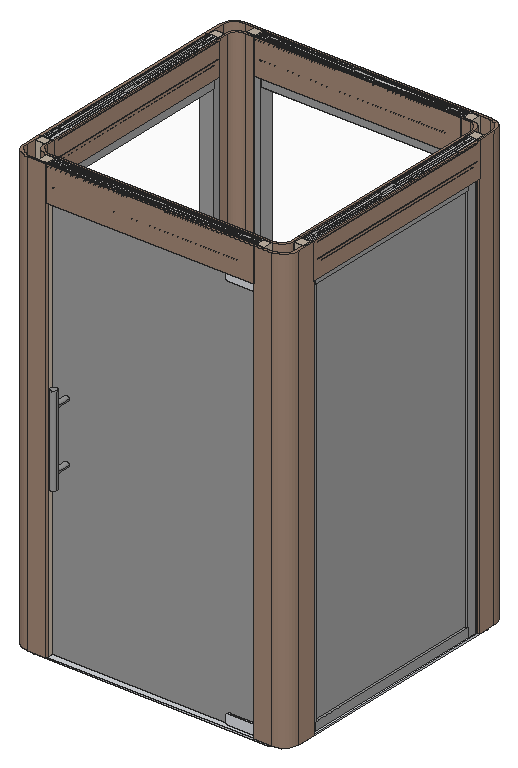
Revit family "T100337", category Furniture, Revit 2015 (continued)
Definition of nested family "OFS OBEYA GLASS WALLS"
  Dimensions and locks (in)
    aligned and locked: plane 9 to Extrusion 7
    aligned and locked: Extrusion 7 to plane 20
    aligned and locked: plane 9 to Extrusion 9
    aligned and locked: Extrusion 9 to plane 24
    aligned and locked: Extrusion 10 to plane 23
    aligned and locked: Extrusion 10 to plane 22
    aligned and locked: Extrusion 11 to plane 21
    aligned and locked: plane 10 to Extrusion 11
  Automatic sketch dimensions
    Extrusion 2 sketch curve to plane 8 = 0"
    Extrusion 2 sketch curve to plane 9 = 0"
    Extrusion 2 sketch curve to plane 10 = 0"
    plane 7 to Extrusion 2 sketch curve = 0"
    Extrusion 3 sketch curve to plane 6 = 0"
    Extrusion 3 sketch curve to plane 8 = 0"
    Extrusion 3 sketch curve to plane 9 = 0"
    plane 7 to Extrusion 3 sketch curve = 0"
    Extrusion 4 sketch curve to plane 4 = 0"
    Extrusion 4 sketch curve to plane 8 = 0"
    Extrusion 4 sketch curve to plane 10 = 0"
    plane 7 to Extrusion 4 sketch curve = 0"
    plane 9 to Extrusion 5 sketch curve = 0"
    Extrusion 5 sketch curve to plane 10 = 0"
    Extrusion 5 sketch curve to plane 12 = 0"
    Extrusion 5 sketch curve to plane 11 = 0"
    Extrusion 6 sketch curve to plane 15 = 0"
    plane 1 "Center Front/Back" to Extrusion 6 sketch curve = 0"  (x2)
    Extrusion 6 sketch curve to plane 8 = 0.1063"  (x2)
    Extrusion 6 sketch curve to Extrusion 6 sketch curve = 0.3937"  (x2)
    Extrusion 6 sketch curve to plane 15 = 0.3937"
    plane 6 to Extrusion 6 sketch curve = 1"
    plane 4 to Extrusion 6 sketch curve = 1"
    Extrusion 6 sketch curve to plane 7 = 0.1063"
    plane 9 to Extrusion 7 sketch curve = 0"
    Extrusion 7 sketch curve to plane 12 = 0"
    plane 20 to Extrusion 7 sketch curve = 0"
    Extrusion 7 sketch curve to plane 11 = 0"
    Extrusion 8 sketch curve to plane 10 = 0"
    Extrusion 8 sketch curve to plane 12 = 0"
    Extrusion 8 sketch curve to plane 19 = 0"
    Extrusion 8 sketch curve to plane 11 = 0"
    plane 9 to Extrusion 9 sketch curve = 0"
    Extrusion 9 sketch curve to plane 12 = 0"
    plane 24 to Extrusion 9 sketch curve = 0"
    Extrusion 9 sketch curve to plane 11 = 0"
    Extrusion 10 sketch curve to plane 12 = 0"
    plane 22 to Extrusion 10 sketch curve = 0"
    Extrusion 10 sketch curve to plane 23 = 0"
    Extrusion 10 sketch curve to plane 11 = 0"
    Extrusion 11 sketch curve to plane 12 = 0"
    Extrusion 11 sketch curve to plane 21 = 0"
    Extrusion 11 sketch curve to plane 11 = 0"
    Extrusion 11 sketch curve to plane 4 = 1 3/4"
    radius of Extrusion 6 sketch curve = 5/8"  (x2)
Definition of nested family "OFS OBEYA WALL PANELS"
  Parameters (values of type "Wall Panel Framed Acoustic Infill")
    Width = 42"
    URL = "https://ofs.com/products/space-defining/architectural-structures/obeya"
    Model = "OB-FRWPAC"
    Mesh Material = none
    Manufacturer = "OFS"
    Mesh = no
    Acoustic = yes
    Height = 83"
    Grill Panel = no
    Grill = no
    Frame Material = none
    Finish Material = none
    Machined Slat = no
    Description = "OFS OBEYA WALL PANEL FRAMED ACOUSTIC INFILL, Creates Space Division and Semi Visual Privacy"
    Depth = 2 3/4"
    Copyright © = "©OFS 2020"
    Catalog = "https://ofs.com/products/space-defining/architectural-structures/obeya"
    Authoring Version = "Autodesk Revit Architecture 2015"
    Assembly Code = "E2020200"
  Types (8): name | Model | Mesh | Acoustic | Grill Panel | Grill | Machined Slat | Description
    (no name) | "OB-FRWPAC" | no | yes | no | no | no | "OFS OBEYA WALL PANEL FRAMED ACOUSTIC INFILL, Creates Space Division and Semi Visual Privacy"
    Wall Panel Framed Machined Slat | "OB-FRWPMS" | no | no | no | no | yes | "OFS OBEYA WALL PANEL FRAMED MACHINED SLAT, Veneer - HPL Plywood Slat Panel Infill with exposed Ply Cutouts"
    Wall Panel Framed Metal Infill | "OB-FRWPM" | yes | no | no | no | no | "OFS OBEYA WALL PANEL FRAMED METAL INFILL, Powder Coat Metal Infil"
    Wall Panel Framed Grill Infill - Veneer or Paint | "OB-FRWPV" | no | no | yes | yes | no | "OFS OBEYA WALL PANEL FRAMED GRILL INFILL - VENEER OR PAINT INFILL, Creates Space Division and Semi Visual Privacy"
    Wall Panel Framed Grill Infill - HPL | "OB-FRWPL" | no | no | yes | yes | no | "OFS OBEYA WALL PANEL FRAMED GRILL INFILL - HPL, Creates Space Division and Semi Visual Privacy"
    Wall Panel Framed Grill Infill - ACRYLIC | "OB-FRWPA" | no | no | yes | yes | no | "OFS OBEYA WALL PANEL FRAMED GRILL INFILL - ACRYLIC, Creates Space Division and Semi Visual Privacy"
    Wall Panel Framed Grill Infill - PET | "OB-FRWPP" | no | no | yes | yes | no | "OFS OBEYA WALL PANEL FRAMED GRILL INFILL - PET, Creates Space Division and Semi Visual Privacy"
    Wall Panel Framed Acoustic Infill | "OB-FRWPAC" | no | yes | no | no | no | "OFS OBEYA WALL PANEL FRAMED ACOUSTIC INFILL, Creates Space Division and Semi Visual Privacy"
  Reference planes (in)
    plane 1 "Center Front/Back": y = 0
    plane 2: z = 0
    plane 3 "Center Left/Right": x = 0
    plane 4: x = 21
    plane 5: z = 83
    plane 6: x = -21
    plane 7: y = 1.375
    plane 8: y = -1.375
    plane 9: x = -19.5
    plane 10: x = 19.5
    plane 11: z = 81.5
    plane 12: z = 1.5
    plane 13: y = -0.5625
    plane 14: y = -0.0625
  Forms (in)
    Extrusion 1, solid, material <- "Frame Material"
      sketch origin (0, 0, 0) x (1, 0, 0) y (0, 1, 0)
        loop
          line (-19.5, 1.375) -> (-19.5, -1.375) -> (19.5, -1.375) -> (19.5, 1.375) -> (-19.5, 1.375)
      from 0 to 1.5
    Extrusion 2, solid, material <- "Frame Material"
      sketch origin (0, 0, 77) x (1, 0, 0) y (0, 1, 0)
        loop
          line (-19.5, 1.375) -> (-19.5, -1.375) -> (19.5, -1.375) -> (19.5, 1.375) -> (-19.5, 1.375)
      from 4.5 to 6
    Extrusion 3, solid, material <- "Frame Material"
      sketch origin (0, 0, 31) x (1, 0, 0) y (0, 1, 0)
        loop
          line (-21, 1.375) -> (-21, -1.375) -> (-19.5, -1.375) -> (-19.5, 1.375) -> (-21, 1.375)
      from -31 to 52
    Extrusion 4, solid, material <- "Frame Material"
      sketch origin (0, 0, 31) x (-1, 0, 0) y (0, -1, 0)
        loop
          line (-21, -1.375) -> (-19.5, -1.375) -> (-19.5, 1.375) -> (-21, 1.375) -> (-21, -1.375)
      from -31 to 52
    Extrusion 5, solid, material <- "Finish Material", visible <- "Machined Slat"
      sketch origin (0, 0, 0) x (1, 0, 0) y (0, 0, 1)
        loop
          arc (-16, 78.5) -> (-16.35355, 78.35355) -> (-16.5, 78) r 0.5
          line (-16.5, 78) -> (-16.5, 76.5)
          arc (-16.5, 76.5) -> (-16.35355, 76.14645) -> (-16, 76) r 0.5
          line (-16, 76) -> (16, 76)
          arc (16, 76) -> (16.35355, 76.14645) -> (16.5, 76.5) r 0.5
          line (16.5, 76.5) -> (16.5, 78)
          arc (16.5, 78) -> (16.35355, 78.35355) -> (16, 78.5) r 0.5
          line (16, 78.5) -> (-16, 78.5)
        loop
          arc (-16, 73) -> (-16.35355, 72.85355) -> (-16.5, 72.5) r 0.5
          line (-16.5, 72.5) -> (-16.5, 71)
          arc (-16.5, 71) -> (-16.35355, 70.64645) -> (-16, 70.5) r 0.5
          line (-16, 70.5) -> (16, 70.5)
          arc (16, 70.5) -> (16.35355, 70.64645) -> (16.5, 71) r 0.5
          line (16.5, 71) -> (16.5, 72.5)
          arc (16.5, 72.5) -> (16.35355, 72.85355) -> (16, 73) r 0.5
          line (16, 73) -> (-16, 73)
        loop
          arc (-16, 67.5) -> (-16.35355, 67.35355) -> (-16.5, 67) r 0.5
          line (-16.5, 67) -> (-16.5, 65.5)
          arc (-16.5, 65.5) -> (-16.35355, 65.14645) -> (-16, 65) r 0.5
          line (-16, 65) -> (16, 65)
          arc (16, 65) -> (16.35355, 65.14645) -> (16.5, 65.5) r 0.5
          line (16.5, 65.5) -> (16.5, 67)
          arc (16.5, 67) -> (16.35355, 67.35355) -> (16, 67.5) r 0.5
          line (16, 67.5) -> (-16, 67.5)
        loop
          arc (-16, 62) -> (-16.35355, 61.85355) -> (-16.5, 61.5) r 0.5
          line (-16.5, 61.5) -> (-16.5, 60)
          arc (-16.5, 60) -> (-16.35355, 59.64645) -> (-16, 59.5) r 0.5
          line (-16, 59.5) -> (16, 59.5)
          arc (16, 59.5) -> (16.35355, 59.64645) -> (16.5, 60) r 0.5
          line (16.5, 60) -> (16.5, 61.5)
          arc (16.5, 61.5) -> (16.35355, 61.85355) -> (16, 62) r 0.5
          line (16, 62) -> (-16, 62)
        loop
          arc (-16, 56.5) -> (-16.35355, 56.35355) -> (-16.5, 56) r 0.5
          line (-16.5, 56) -> (-16.5, 54.5)
          arc (-16.5, 54.5) -> (-16.35355, 54.14645) -> (-16, 54) r 0.5
          line (-16, 54) -> (16, 54)
          arc (16, 54) -> (16.35355, 54.14645) -> (16.5, 54.5) r 0.5
          line (16.5, 54.5) -> (16.5, 56)
          arc (16.5, 56) -> (16.35355, 56.35355) -> (16, 56.5) r 0.5
          line (16, 56.5) -> (-16, 56.5)
        loop
          arc (-16, 51) -> (-16.35355, 50.85355) -> (-16.5, 50.5) r 0.5
          line (-16.5, 50.5) -> (-16.5, 49)
          arc (-16.5, 49) -> (-16.35355, 48.64645) -> (-16, 48.5) r 0.5
          line (-16, 48.5) -> (16, 48.5)
          arc (16, 48.5) -> (16.35355, 48.64645) -> (16.5, 49) r 0.5
          line (16.5, 49) -> (16.5, 50.5)
          arc (16.5, 50.5) -> (16.35355, 50.85355) -> (16, 51) r 0.5
          line (16, 51) -> (-16, 51)
        loop
          arc (-16, 45.5) -> (-16.35355, 45.35355) -> (-16.5, 45) r 0.5
          line (-16.5, 45) -> (-16.5, 43.5)
          arc (-16.5, 43.5) -> (-16.35355, 43.14645) -> (-16, 43) r 0.5
          line (-16, 43) -> (16, 43)
          arc (16, 43) -> (16.35355, 43.14645) -> (16.5, 43.5) r 0.5
          line (16.5, 43.5) -> (16.5, 45)
          arc (16.5, 45) -> (16.35355, 45.35355) -> (16, 45.5) r 0.5
          line (16, 45.5) -> (-16, 45.5)
        loop
          arc (-16, 40) -> (-16.35355, 39.85355) -> (-16.5, 39.5) r 0.5
          line (-16.5, 39.5) -> (-16.5, 38)
          arc (-16.5, 38) -> (-16.35355, 37.64645) -> (-16, 37.5) r 0.5
          line (-16, 37.5) -> (16, 37.5)
          arc (16, 37.5) -> (16.35355, 37.64645) -> (16.5, 38) r 0.5
          line (16.5, 38) -> (16.5, 39.5)
          arc (16.5, 39.5) -> (16.35355, 39.85355) -> (16, 40) r 0.5
          line (16, 40) -> (-16, 40)
        loop
          arc (-16, 34.5) -> (-16.35355, 34.35355) -> (-16.5, 34) r 0.5
          line (-16.5, 34) -> (-16.5, 32.5)
          arc (-16.5, 32.5) -> (-16.35355, 32.14645) -> (-16, 32) r 0.5
          line (-16, 32) -> (16, 32)
          arc (16, 32) -> (16.35355, 32.14645) -> (16.5, 32.5) r 0.5
          line (16.5, 32.5) -> (16.5, 34)
          arc (16.5, 34) -> (16.35355, 34.35355) -> (16, 34.5) r 0.5
          line (16, 34.5) -> (-16, 34.5)
        loop
          arc (-16, 29) -> (-16.35355, 28.85355) -> (-16.5, 28.5) r 0.5
          line (-16.5, 28.5) -> (-16.5, 27)
          arc (-16.5, 27) -> (-16.35355, 26.64645) -> (-16, 26.5) r 0.5
          line (-16, 26.5) -> (16, 26.5)
          arc (16, 26.5) -> (16.35355, 26.64645) -> (16.5, 27) r 0.5
          line (16.5, 27) -> (16.5, 28.5)
          arc (16.5, 28.5) -> (16.35355, 28.85355) -> (16, 29) r 0.5
          line (16, 29) -> (-16, 29)
        loop
          arc (-16, 23.5) -> (-16.35355, 23.35355) -> (-16.5, 23) r 0.5
          line (-16.5, 23) -> (-16.5, 21.5)
          arc (-16.5, 21.5) -> (-16.35355, 21.14645) -> (-16, 21) r 0.5
          line (-16, 21) -> (16, 21)
          arc (16, 21) -> (16.35355, 21.14645) -> (16.5, 21.5) r 0.5
          line (16.5, 21.5) -> (16.5, 23)
          arc (16.5, 23) -> (16.35355, 23.35355) -> (16, 23.5) r 0.5
          line (16, 23.5) -> (-16, 23.5)
        loop
          arc (-16, 18) -> (-16.35355, 17.85355) -> (-16.5, 17.5) r 0.5
          line (-16.5, 17.5) -> (-16.5, 16)
          arc (-16.5, 16) -> (-16.35355, 15.64645) -> (-16, 15.5) r 0.5
          line (-16, 15.5) -> (16, 15.5)
          arc (16, 15.5) -> (16.35355, 15.64645) -> (16.5, 16) r 0.5
          line (16.5, 16) -> (16.5, 17.5)
          arc (16.5, 17.5) -> (16.35355, 17.85355) -> (16, 18) r 0.5
          line (16, 18) -> (-16, 18)
        loop
          arc (-16, 12.5) -> (-16.35355, 12.35355) -> (-16.5, 12) r 0.5
          line (-16.5, 12) -> (-16.5, 10.5)
          arc (-16.5, 10.5) -> (-16.35355, 10.14645) -> (-16, 10) r 0.5
          line (-16, 10) -> (16, 10)
          arc (16, 10) -> (16.35355, 10.14645) -> (16.5, 10.5) r 0.5
          line (16.5, 10.5) -> (16.5, 12)
          arc (16.5, 12) -> (16.35355, 12.35355) -> (16, 12.5) r 0.5
          line (16, 12.5) -> (-16, 12.5)
        loop
          arc (-16, 7) -> (-16.35355, 6.85355) -> (-16.5, 6.5) r 0.5
          line (-16.5, 6.5) -> (-16.5, 5)
          arc (-16.5, 5) -> (-16.35355, 4.64645) -> (-16, 4.5) r 0.5
          line (-16, 4.5) -> (16, 4.5)
          arc (16, 4.5) -> (16.35355, 4.64645) -> (16.5, 5) r 0.5
          line (16.5, 5) -> (16.5, 6.5)
          arc (16.5, 6.5) -> (16.35355, 6.85355) -> (16, 7) r 0.5
          line (16, 7) -> (-16, 7)
        loop
          line (-19.5, 81.5) -> (-19.5, 1.5) -> (19.5, 1.5) -> (19.5, 81.5) -> (-19.5, 81.5)
      from 0.0625 to 0.5625
    Extrusion 6, solid, material <- "Mesh Material", visible <- "Mesh"
      sketch origin (0, 0, 0) x (1, 0, 0) y (0, 0, 1)
        loop
          line (-19.5, 81.5) -> (-19.5, 1.5) -> (19.5, 1.5) -> (19.5, 81.5) -> (-19.5, 81.5)
      from 0.0625 to 0.5625
    Extrusion 7, solid, material <- "Frame Material", visible <- "Grill"
      sketch origin (0, 0, 27) x (1, 0, 0) y (0, 1, 0)
        loop
          line (-19.5, 1.375) -> (-19.5, -1.375) -> (19.5, -1.375) -> (19.5, 1.375) -> (-19.5, 1.375)
      from 0 to 1.5
    Extrusion 8, solid, material <- "Frame Material", visible <- "Grill"
      sketch origin (0, 0, 54.5) x (1, 0, 0) y (0, 1, 0)
        loop
          line (-19.5, 1.375) -> (-19.5, -1.375) -> (19.5, -1.375) -> (19.5, 1.375) -> (-19.5, 1.375)
      from 0 to 1.5
    Extrusion 9, solid, material <- "Finish Material", visible <- "Grill Panel"
      sketch origin (0, 0, 0) x (1, 0, 0) y (0, 0, 1)
        loop
          line (-19.5, 81.5) -> (-19.5, 56) -> (19.5, 56) -> (19.5, 81.5) -> (-19.5, 81.5)
        loop
          line (-19.5, 1.5) -> (19.5, 1.5) -> (19.5, 27) -> (-19.5, 27) -> (-19.5, 1.5)
        loop
          line (-19.5, 54.5) -> (-19.5, 28.5) -> (19.5, 28.5) -> (19.5, 54.5) -> (-19.5, 54.5)
      from 0.0625 to 0.5625
    Extrusion 10, solid, material <- "Finish Material", visible <- "Acoustic"
      sketch origin (0, 0, 0) x (1, 0, 0) y (0, 0, 1)
        loop
          line (-19.5, 81.5) -> (-19.5, 1.5) -> (19.5, 1.5) -> (19.5, 81.5) -> (-19.5, 81.5)
      from -1.375 to 1.375
  Dimensions and locks (in)
    "Height": plane 5 to level
    equal spacing: plane 6, plane 3 "Center Left/Right", plane 4
    "Width": plane 6 to plane 4
    "Depth": plane 8 to plane 7
    equal spacing: plane 7, plane 1 "Center Front/Back", plane 8
    locked: plane 6 to plane 9 at 1.5
    locked: plane 4 to plane 10 at 1.5
    locked: plane 5 to plane 11 at 1.5
    locked: plane 12 to plane 2 at 1.5
    plane 14 to plane 13 to plane 8 = 1/2" locked, 13/16" locked
    aligned and locked: level to plane 2
    aligned and locked: plane 7 to Extrusion 1 sketch curve
    aligned and locked: Extrusion 1 sketch curve to plane 9
    aligned and locked: plane 8 to Extrusion 1 sketch curve
    aligned and locked: Extrusion 1 sketch curve to plane 10
    aligned and locked: Extrusion 1 to level
    aligned and locked: plane 12 to Extrusion 1
    aligned and locked: plane 5 to Extrusion 2
    aligned and locked: Extrusion 2 to plane 11
    aligned and locked: plane 9 to Extrusion 2
    aligned and locked: plane 10 to Extrusion 2
    aligned and locked: plane 6 to Extrusion 3
    aligned and locked: Extrusion 3 to plane 9
    aligned and locked: plane 5 to Extrusion 3
    aligned and locked: Extrusion 3 to level
    aligned and locked: plane 5 to Extrusion 4
    aligned and locked: Extrusion 5 sketch curve to plane 10
    aligned and locked: Extrusion 5 sketch curve to plane 11
    aligned and locked: Extrusion 5 sketch curve to plane 9
    aligned and locked: plane 12 to Extrusion 5 sketch curve
    aligned and locked: plane 14 to Extrusion 5
    aligned and locked: Extrusion 5 to plane 13
    aligned and locked: plane 11 to Extrusion 10
    aligned and locked: Extrusion 10 to plane 7
    aligned and locked: Extrusion 10 to plane 8
    aligned and locked: Extrusion 10 to plane 12
  Automatic sketch dimensions
    Extrusion 2 sketch curve to plane 8 = 0"
    Extrusion 2 sketch curve to plane 9 = 0"
    Extrusion 2 sketch curve to plane 10 = 0"
    plane 7 to Extrusion 2 sketch curve = 0"
    Extrusion 3 sketch curve to plane 6 = 0"
    Extrusion 3 sketch curve to plane 8 = 0"
    Extrusion 3 sketch curve to plane 9 = 0"
    plane 7 to Extrusion 3 sketch curve = 0"
    Extrusion 4 sketch curve to plane 4 = 0"
    Extrusion 4 sketch curve to plane 8 = 0"
    Extrusion 4 sketch curve to plane 10 = 0"
    plane 7 to Extrusion 4 sketch curve = 0"
    Extrusion 5 sketch curve to plane 9 = 3"  (x14)
    Extrusion 5 sketch curve to Extrusion 5 sketch curve = 1/2"  (x42)
    Extrusion 5 sketch curve to plane 10 = 3 1/2"  (x9)
    Extrusion 5 sketch curve to Extrusion 5 sketch curve = 0"  (x19)
    plane 12 to Extrusion 5 sketch curve = 3"
    Extrusion 5 sketch curve to Extrusion 5 sketch curve = 1 1/2"  (x14)
    Extrusion 5 sketch curve to Extrusion 5 sketch curve = 3"  (x13)
    plane 9 to Extrusion 6 sketch curve = 0"
    Extrusion 6 sketch curve to plane 10 = 0"
    Extrusion 6 sketch curve to plane 12 = 0"
    Extrusion 6 sketch curve to plane 11 = 0"
    Extrusion 7 sketch curve to plane 8 = 0"
    Extrusion 7 sketch curve to plane 9 = 0"
    Extrusion 7 sketch curve to plane 10 = 0"
    plane 7 to Extrusion 7 sketch curve = 0"
    Extrusion 8 sketch curve to plane 8 = 0"
    Extrusion 8 sketch curve to plane 9 = 0"
    Extrusion 8 sketch curve to plane 10 = 0"
    plane 7 to Extrusion 8 sketch curve = 0"
    Extrusion 9 sketch curve to plane 10 = 0"  (x3)
    Extrusion 9 sketch curve to plane 12 = 0"
    Extrusion 9 sketch curve to plane 11 = 0"
    Extrusion 9 sketch curve to plane 11 = 25 1/2"
    Extrusion 9 sketch curve to Extrusion 9 sketch curve = 1 1/2"  (x2)
    Extrusion 9 sketch curve to Extrusion 9 sketch curve = 26"
    plane 9 to Extrusion 9 sketch curve = 0"  (x3)
    plane 9 to Extrusion 10 sketch curve = 0"
    Extrusion 10 sketch curve to plane 10 = 0"
    Extrusion 10 sketch curve to plane 12 = 0"
    plane 11 to Extrusion 10 sketch curve = 0"
Definition of nested family "OFS ELEMENT OPEN L DESK LEFT AND RIGHT 84in Width 60in Return"
  Parameters (values of type "ELEMENT OPEN L DESK RIGHT RETURN 84in Width 60in Return")
    Worksurface Material = none
    Width = 84"
    URL = "http://www.ofsbrands.com/"
    Transaction Shelf Material = none
    Table Supp from Lateral = 2 5/8"
    Table Supp from Center = 11 1/8"
    Table Depth = 13 1/2"
    Right Return Desk Option = no
    Right Desk Ovelay [instance] = and(Right Return Desk Option, Desk Overlay Option)  # no
    Return Worksurface Width = 22"
    Paper Organizer Material = none
    Paper Organizer Depth = 12 3/4"
    Paper Organizer Clearance = 4 5/8"
    Paper Organizer Board Thickness = 3/4"
    Model = "EL-T84RL60C"
    Manufacturer = "OFS"
    Left Return Desk Option = yes
    Left Desk Overlay [instance] = and(Left Return Desk Option, Desk Overlay Option)  # yes
    Lateral Board Thickness = 1 3/16"
    Height = 45"
    Standoffs Material = none
    Groomet Material = none
    Desk Overlay Thickness = 1/8"
    Desk Overlay Option [instance] = yes
    Desk Overlay Material = none
    Desk Overlay = 6 1/2"
    Description = "OFS BRANDS OFS ELEMENT OPEN L DESK RIGHT RETURN 84\" Width, 84\"W x 34.3125\"D DESK, 60\"W x 22\"D RETURN With Paper Organizer"
    Desk Depth = 34 5/16"
    Depth = 94 5/16"
    Copyright © = "© 2018 OFS BRANDS"
    Catalog = "http://ofs.com/products/casegoods/reception/element"
    Bottom Board Offset = 0"
    Chassis Material = none
    Base Depth = 30"
    Back Board Thickness = 1 3/16"
    Authoring Version = "Autodesk Revit Architecture 2013"
    Assembly Code = "E2020200"
  Types (3): name | Model | Left Return Desk Option | Left Desk Overlay | Description
    (no name) | "EL-T84RL60C" | yes | yes | "OFS BRANDS OFS ELEMENT OPEN L DESK RIGHT RETURN 84\" Width, 84\"W x 34.3125\"D DESK, 60\"W x 22\"D RETURN With Paper Organizer"
    ELEMENT OPEN L DESK LEFT RETURN 84in Width 60in Return | "EL-T84LL60C" | no | no | "OFS BRANDS OFS ELEMENT OPEN L DESK LEFT RETURN 84\" Width, 84\"W x 34.3125\"D DESK, 60\"W x 22\"D RETURN With Paper Organizer"
    ELEMENT OPEN L DESK RIGHT RETURN 84in Width 60in Return | "EL-T84RL60C" | yes | yes | "OFS BRANDS OFS ELEMENT OPEN L DESK RIGHT RETURN 84\" Width, 84\"W x 34.3125\"D DESK, 60\"W x 22\"D RETURN With Paper Organizer"
  Reference planes (in)
    plane 1 "Center Front/Back": y = 0
    plane 2: z = 0
    plane 3 "Center Left/Right": x = 0
    plane 4 "Back External": y = 17.15625
    plane 5 "Right External": x = 42
    plane 6 "Front External": y = -17.15625
    plane 7 "Left External": x = -42
    plane 8 "Seat Height": z = 29.5
    plane 9 "Height": z = 45
    plane 10: x = 40.8125
    plane 11: x = -40.8125
    plane 12: y = 12.84375
    plane 13: y = 11.65625
    plane 14: y = 3.65625
    plane 15: z = 40.5
    plane 16: z = 28.5
    plane 17: z = 43.875
    plane 18: z = 39.375
    plane 19: z = 0
    plane 20: x = 39.375
    plane 21: x = 2.625
    plane 22: x = 35.5
    plane 23: z = 6.5
    plane 24: z = 34
    plane 25: y = 12.96875
    plane 26: y = -77.15625
    plane 27: x = -20
    plane 28: x = 20
    plane 29: y = -75.96875
    plane 30: x = -37
    plane 31: x = 37
    plane 32: y = -47.15625
    plane 33: x = 6.5
    plane 34: y = -18.34375
    plane 35: y = -75.21875
    plane 36: x = -40.0625
    plane 37: y = -19.09375
    plane 38: x = -28.0625
    plane 39: z = 34.125
    plane 40: z = 39.75
    plane 41: z = 34.875
    plane 42: y = -61.5625
    plane 43: y = -32.75
    plane 44: x = -28.8125
    plane 45: x = 20
    plane 46: x = 37
    plane 47: y = -19.09375
    plane 48: x = 28.0625
    plane 49: y = -61.5625
    plane 50: y = -32.75
    plane 51: x = 28.8125
    plane 52: x = -39.375
    plane 53: x = -2.625
    plane 54: x = -35.5
    plane 55: x = -6.5
  Forms (in)
    Extrusion 1, solid, material <- "Chassis Material", visible <- "Left Return Desk Option"
      sketch origin (0, 0, 0) x (1, 0, 0) y (0, 1, 0)
        loop
          line (42, 12.84375) -> (0, 12.84375) -> (0, 11.65625) -> (40.8125, 11.65625) -> (40.8125, -17.15625) -> (42, -17.15625) -> (42, 12.84375)
      from 0 to 40.5
    Extrusion 2, solid, material <- "Chassis Material", visible <- "Left Return Desk Option"
      sketch origin (0, 0, 6) x (1, 0, 0) y (0, 1, 0)
        loop
          line (0, 11.65625) -> (0, 3.65625) -> (40.8125, 3.65625) -> (40.8125, 11.65625) -> (0, 11.65625)
      from 33.375 to 34.5
    Extrusion 3, solid, material <- "Transaction Shelf Material", visible <- "Left Return Desk Option"
      sketch origin (0, 0, 6) x (1, 0, 0) y (0, 1, 0)
        loop
          line (0, 17.15625) -> (0, 3.65625) -> (42, 3.65625) -> (42, 17.15625) -> (0, 17.15625)
      from 37.875 to 39
    Extrusion 4, solid, material <- "Standoffs Material", visible <- "Left Return Desk Option"
      sketch origin (44.5, 0, 0) x (1, 0, 0) y (0, 1, 0)
        loop
          circle (-41.875, 10.04085) r 0.625
      from 40.5 to 43.875
    Extrusion 5, solid, material <- "Standoffs Material", visible <- "Left Return Desk Option"
      sketch origin (44.5, -4.75, 0) x (1, 0, 0) y (0, 1, 0)
        loop
          circle (-41.875, 10.04085) r 0.625
      from 40.5 to 43.875
    Extrusion 6, solid, material <- "Standoffs Material", visible <- "Left Return Desk Option"
      sketch origin (66.75, 0, 0) x (1, 0, 0) y (0, 1, 0)
        loop
          circle (-27.375, 10.04085) r 0.625
      from 40.5 to 43.875
    Extrusion 7, solid, material <- "Standoffs Material", visible <- "Left Return Desk Option"
      sketch origin (66.75, -4.75, 0) x (1, 0, 0) y (0, 1, 0)
        loop
          circle (-27.375, 10.04085) r 0.625
      from 40.5 to 43.875
    Extrusion 8, solid, material <- "Chassis Material", visible <- "Left Return Desk Option"
      sketch origin (0, 0, 0) x (1, 0, 0) y (0, 1, 0)
        loop
          line (-42, -17.15625) -> (-42, -77.15625) -> (-20, -77.15625) -> (-20, -75.96875) -> (-40.8125, -75.96875) -> (-40.8125, -18.34375) -> (-20, -18.34375) -> (-20, -17.15625) -> (-42, -17.15625)
      from 0 to 40.5
    Extrusion 9, solid, material <- "Worksurface Material", visible <- "Left Return Desk Option"
      sketch origin (14.83926, -32.43958, 0) x (1, 0, 0) y (0, 1, 0)
        loop
          line (-55.65176, 14.09583) -> (-55.65176, -43.52917) -> (-34.83926, -43.52917) -> (-34.83926, 14.09583) -> (-55.65176, 14.09583)
      from 28.5 to 29.5
    Extrusion 10, solid, material <- "Desk Overlay Material", visible <- "Left Desk Overlay"
      sketch origin (0, 0, 0) x (1, 0, 0) y (0, 0, 1)
        loop
          line (35.5, 34) -> (6.5, 34) -> (6.5, 6.5) -> (35.5, 6.5) -> (35.5, 34)
      from -12.96875 to -12.84375
    Extrusion 11, solid, material <- "Chassis Material", visible <- "Left Return Desk Option"
      sketch origin (-18.5848, -3.95032, 0) x (1, 0, 0) y (0, 1, 0)
        loop
          line (19.7723, 15.60657) -> (18.5848, 15.60657) -> (18.5848, 3.95032) -> (19.7723, 3.95032) -> (19.7723, 15.60657)
      from 0 to 28.5
    Extrusion 12, solid, material <- "Paper Organizer Material", visible <- "Left Return Desk Option"
      sketch origin (0, 0, 0) x (1, 0, 0) y (0, 1, 0)
        loop
          line (-28.0625, -19.09375) -> (-28.0625, -18.34375) -> (-40.8125, -18.34375) -> (-40.8125, -75.96875) -> (-28.0625, -75.96875) -> (-28.0625, -75.21875) -> (-40.0625, -75.21875) -> (-40.0625, -19.09375) -> (-28.0625, -19.09375)
      from 34.125 to 40.5
    Extrusion 13, solid, material <- "Paper Organizer Material", visible <- "Left Return Desk Option"
      sketch origin (0, 0, 0) x (1, 0, 0) y (0, 1, 0)
        loop
          line (-40.8125, -18.34375) -> (-40.8125, -75.96875) -> (-28.0625, -75.96875) -> (-28.0625, -18.34375) -> (-40.8125, -18.34375)
      from 39.75 to 40.5
    Extrusion 14, solid, material <- "Paper Organizer Material", visible <- "Left Return Desk Option"
      sketch origin (0, 0, 0) x (1, 0, 0) y (0, 1, 0)
        loop
          line (-40.8125, -18.34375) -> (-40.8125, -75.96875) -> (-28.0625, -75.96875) -> (-28.0625, -18.34375) -> (-40.8125, -18.34375)
      from 34.125 to 34.875
    Extrusion 15, solid, material <- "Paper Organizer Material", visible <- "Left Return Desk Option"
      sketch origin (0, 0, 0) x (1, 0, 0) y (0, 1, 0)
        loop
          line (-40.0625, -32.625) -> (-40.0625, -32.875) -> (-28.8125, -32.875) -> (-28.8125, -32.625) -> (-40.0625, -32.625)
      from 34.875 to 39.75
    Extrusion 16, solid, material <- "Paper Organizer Material", visible <- "Left Return Desk Option"
      sketch origin (0, -11.40625, 0) x (1, 0, 0) y (0, 1, 0)
        loop
          line (-40.0625, -35.625) -> (-40.0625, -35.875) -> (-28.8125, -35.875) -> (-28.8125, -35.625) -> (-40.0625, -35.625)
      from 34.875 to 39.75
    Extrusion 17, solid, material <- "Paper Organizer Material", visible <- "Left Return Desk Option"
      sketch origin (0, -22.8125, 0) x (1, 0, 0) y (0, 1, 0)
        loop
          line (-40.0625, -38.625) -> (-40.0625, -38.875) -> (-28.8125, -38.875) -> (-28.8125, -38.625) -> (-40.0625, -38.625)
      from 34.875 to 39.75
    Extrusion 18, solid, material <- "Chassis Material", visible <- "Right Return Desk Option"
      sketch origin (0, 0, 0) x (-1, 0, 0) y (0, -1, 0)
        loop
          line (-42, 17.15625) -> (-20, 17.15625) -> (-20, 18.34375) -> (-40.8125, 18.34375) -> (-40.8125, 75.96875) -> (-20, 75.96875) -> (-20, 77.15625) -> (-42, 77.15625) -> (-42, 17.15625)
      from 0 to 40.5
    Extrusion 19, solid, material <- "Worksurface Material", visible <- "Right Return Desk Option"
      sketch origin (-14.83926, -32.43958, 0) x (-1, 0, 0) y (0, -1, 0)
        loop
          line (-55.65176, -14.09583) -> (-34.83926, -14.09583) -> (-34.83926, 43.52917) -> (-55.65176, 43.52917) -> (-55.65176, -14.09583)
      from 28.5 to 29.5
    Extrusion 20, solid, material <- "Paper Organizer Material", visible <- "Right Return Desk Option"
      sketch origin (0, 0, 0) x (-1, 0, 0) y (0, -1, 0)
        loop
          line (-28.0625, 19.09375) -> (-40.0625, 19.09375) -> (-40.0625, 75.21875) -> (-28.0625, 75.21875) -> (-28.0625, 75.96875) -> (-40.8125, 75.96875) -> (-40.8125, 18.34375) -> (-28.0625, 18.34375) -> (-28.0625, 19.09375)
      from 34.125 to 40.5
    Extrusion 21, solid, material <- "Paper Organizer Material", visible <- "Right Return Desk Option"
      sketch origin (0, 0, 0) x (-1, 0, 0) y (0, -1, 0)
        loop
          line (-40.8125, 18.34375) -> (-28.0625, 18.34375) -> (-28.0625, 75.96875) -> (-40.8125, 75.96875) -> (-40.8125, 18.34375)
      from 39.75 to 40.5
    Extrusion 22, solid, material <- "Paper Organizer Material", visible <- "Right Return Desk Option"
      sketch origin (0, 0, 0) x (-1, 0, 0) y (0, -1, 0)
        loop
          line (-40.8125, 18.34375) -> (-28.0625, 18.34375) -> (-28.0625, 75.96875) -> (-40.8125, 75.96875) -> (-40.8125, 18.34375)
      from 34.125 to 34.875
    Extrusion 23, solid, material <- "Paper Organizer Material", visible <- "Right Return Desk Option"
      sketch origin (0, 0, 0) x (-1, 0, 0) y (0, -1, 0)
        loop
          line (-40.0625, 32.625) -> (-28.8125, 32.625) -> (-28.8125, 32.875) -> (-40.0625, 32.875) -> (-40.0625, 32.625)
      from 34.875 to 39.75
    Extrusion 24, solid, material <- "Paper Organizer Material", visible <- "Right Return Desk Option"
      sketch origin (0, -11.40625, 0) x (-1, 0, 0) y (0, -1, 0)
        loop
          line (-40.0625, 35.625) -> (-28.8125, 35.625) -> (-28.8125, 35.875) -> (-40.0625, 35.875) -> (-40.0625, 35.625)
      from 34.875 to 39.75
    Extrusion 25, solid, material <- "Paper Organizer Material", visible <- "Right Return Desk Option"
      sketch origin (0, -22.8125, 0) x (-1, 0, 0) y (0, -1, 0)
        loop
          line (-40.0625, 38.625) -> (-28.8125, 38.625) -> (-28.8125, 38.875) -> (-40.0625, 38.875) -> (-40.0625, 38.625)
      from 34.875 to 39.75
    Extrusion 26, solid, material <- "Worksurface Material", visible <- "Right Return Desk Option"
      sketch origin (0, 0, 0) x (-1, 0, 0) y (0, -1, 0)
        loop
          line (-36, -11.65625) -> (40.8125, -11.65625) -> (40.8125, 17.15625) -> (-42, 17.15625) -> (-42, -5.65625)
          arc (-42, -5.65625) -> (-40.24264, -9.89889) -> (-36, -11.65625) r 6
      from 28.5 to 29.5
    Extrusion 27, solid, material <- "Chassis Material", visible <- "Right Return Desk Option"
      sketch origin (0, 0, 0) x (-1, 0, 0) y (0, -1, 0)
        loop
          line (42, -12.84375) -> (42, 17.15625) -> (40.8125, 17.15625) -> (40.8125, -11.65625) -> (0, -11.65625) -> (0, -12.84375) -> (42, -12.84375)
      from 0 to 40.5
    Extrusion 28, solid, material <- "Transaction Shelf Material", visible <- "Right Return Desk Option"
      sketch origin (0, 0, 6) x (-1, 0, 0) y (0, -1, 0)
        loop
          line (0, -17.15625) -> (42, -17.15625) -> (42, -3.65625) -> (0, -3.65625) -> (0, -17.15625)
      from 37.875 to 39
    Extrusion 29, solid, material <- "Standoffs Material", visible <- "Right Return Desk Option"
      sketch origin (-44.5, 0, 0) x (-1, 0, 0) y (0, -1, 0)
        loop
          circle (-41.875, -10.04085) r 0.625
      from 40.5 to 43.875
    Extrusion 30, solid, material <- "Standoffs Material", visible <- "Right Return Desk Option"
      sketch origin (-44.5, -4.75, 0) x (-1, 0, 0) y (0, -1, 0)
        loop
          circle (-41.875, -10.04085) r 0.625
      from 40.5 to 43.875
    Extrusion 31, solid, material <- "Standoffs Material", visible <- "Right Return Desk Option"
      sketch origin (-66.75, 0, 0) x (-1, 0, 0) y (0, -1, 0)
        loop
          circle (-27.375, -10.04085) r 0.625
      from 40.5 to 43.875
    Extrusion 32, solid, material <- "Standoffs Material", visible <- "Right Return Desk Option"
      sketch origin (-66.75, -4.75, 0) x (-1, 0, 0) y (0, -1, 0)
        loop
          circle (-27.375, -10.04085) r 0.625
      from 40.5 to 43.875
    Extrusion 33, solid, material <- "Chassis Material", visible <- "Right Return Desk Option"
      sketch origin (18.5848, -3.95032, 0) x (-1, 0, 0) y (0, -1, 0)
        loop
          line (19.7723, -15.60657) -> (19.7723, -3.95032) -> (18.5848, -3.95032) -> (18.5848, -15.60657) -> (19.7723, -15.60657)
      from 0 to 28.5
    Extrusion 34, solid, material <- "Chassis Material", visible <- "Right Return Desk Option"
      sketch origin (0, 0, 6) x (-1, 0, 0) y (0, -1, 0)
        loop
          line (0, -11.65625) -> (40.8125, -11.65625) -> (40.8125, -3.65625) -> (0, -3.65625) -> (0, -11.65625)
      from 33.375 to 34.5
    Extrusion 35, solid, material <- "Desk Overlay Material", visible <- "Right Desk Ovelay"
      sketch origin (0, 0, 0) x (-1, 0, 0) y (0, 0, -1)
        loop
          line (35.5, -34) -> (35.5, -6.5) -> (6.5, -6.5) -> (6.5, -34) -> (35.5, -34)
      from -12.96875 to -12.84375
    Extrusion 36, solid, material <- "Worksurface Material", visible <- "Left Return Desk Option"
      sketch origin (0, 0, 0) x (1, 0, 0) y (0, 1, 0)
        loop
          arc (-36, 11.65625) -> (-40.24264, 9.89889) -> (-42, 5.65625) r 6
          line (-42, 5.65625) -> (-42, -17.15625) -> (40.8125, -17.15625) -> (40.8125, 11.65625) -> (-36, 11.65625)
      from 28.5 to 29.5
  Cuts and joins
    joined: Extrusion 12, Extrusion 13, Extrusion 14
    joined: Extrusion 20, Extrusion 21, Extrusion 22
  Dimensions and locks (in)
    equal spacing: plane 7 "Left External", plane 3 "Center Left/Right", plane 5 "Right External"
    "Width": plane 7 "Left External" to plane 5 "Right External"
    equal spacing: plane 6 "Front External", plane 1 "Center Front/Back", plane 4 "Back External"
    "Desk Depth": plane 4 "Back External" to plane 6 "Front External"
    plane 8 "Seat Height" to level = 29 1/2"
    "Height": plane 9 "Height" to level
    "Lateral Board Thickness": plane 7 "Left External" to plane 11
    "Lateral Board Thickness": plane 10 to plane 5 "Right External"
    "Base Depth": plane 12 to plane 6 "Front External"
    "Back Board Thickness": plane 12 to plane 13
    "Table Depth": plane 4 "Back External" to plane 14
    plane 15 to level = 40 1/2"
    "Bottom Board Offset": plane 19 to level
    "Table Supp from Lateral": plane 5 "Right External" to plane 20
    "Table Supp from Lateral": plane 21 to plane 3 "Center Left/Right"
    "Desk Overlay": plane 5 "Right External" to plane 22
    "Desk Overlay": plane 24 to plane 15
    "Desk Overlay": plane 19 to plane 23
    "Desk Overlay Thickness": plane 25 to plane 12
    "Depth": plane 4 "Back External" to plane 26
    "Return Worksurface Width": plane 7 "Left External" to plane 27
    "Return Worksurface Width": plane 28 to plane 5 "Right External"
    "Back Board Thickness": plane 29 to plane 26
    plane 7 "Left External" to plane 30 = 5"
    plane 31 to plane 5 "Right External" = 5"
    equal spacing: plane 34, plane 43, plane 32, plane 42, plane 29
    "Desk Overlay": plane 33 to plane 3 "Center Left/Right"
    "Back Board Thickness": plane 6 "Front External" to plane 34
    "Paper Organizer Board Thickness": plane 34 to plane 37
    "Paper Organizer Board Thickness": plane 11 to plane 36
    "Paper Organizer Board Thickness": plane 35 to plane 29
    "Paper Organizer Depth": plane 11 to plane 38
    "Paper Organizer Clearance": plane 39 to plane 8 "Seat Height"
    "Paper Organizer Board Thickness": plane 15 to plane 40
    "Paper Organizer Board Thickness": plane 41 to plane 39
    "Paper Organizer Board Thickness": plane 44 to plane 38
    "Return Worksurface Width": plane 5 "Right External" to plane 45
    plane 29 to plane 26 = 1 3/16"
    plane 5 "Right External" to plane 46 = 5"
    plane 34 to plane 50 to plane 32 to plane 49 to plane 29 = 14 13/32", 14 13/32", 14 13/32", 14 13/32"
    "Paper Organizer Board Thickness": plane 34 to plane 47
    plane 35 to plane 29 = 3/4"
    "Paper Organizer Depth": plane 10 to plane 48
    "Paper Organizer Board Thickness": plane 51 to plane 48
    "Table Supp from Lateral": plane 53 to plane 3 "Center Left/Right"
    "Table Supp from Lateral": plane 7 "Left External" to plane 52
    locked: plane 7 "Left External" to plane 54 at 6.5
    aligned and locked: level to plane 2
    aligned and locked: Extrusion 1 sketch curve to plane 12
    aligned and locked: plane 5 "Right External" to Extrusion 1 sketch curve
    aligned and locked: Extrusion 1 sketch curve to plane 13
    aligned and locked: Extrusion 1 to plane 19
    aligned and locked: Extrusion 2 to plane 18
    aligned and locked: plane 10 to Extrusion 2
    aligned and locked: Extrusion 2 to plane 13
    aligned and locked: Extrusion 2 to plane 14
    aligned and locked: Extrusion 3 to plane 14
    aligned and locked: Extrusion 3 to plane 4 "Back External"
    aligned and locked: Extrusion 3 to plane 9 "Height"
    aligned and locked: Extrusion 3 to plane 17
    aligned and locked: plane 5 "Right External" to Extrusion 3
    aligned and locked: Extrusion 8 sketch curve to plane 29
    aligned and locked: plane 27 to Extrusion 8 sketch curve
    aligned and locked: plane 26 to Extrusion 8 sketch curve
    aligned and locked: Extrusion 8 sketch curve to plane 6 "Front External"
    aligned and locked: plane 11 to Extrusion 9
    aligned and locked: Extrusion 9 to plane 27
    aligned and locked: Extrusion 9 to plane 29
    aligned and locked: Extrusion 8 to plane 19
    aligned and locked: plane 15 to Extrusion 8
    aligned and locked: Extrusion 3 to plane 3 "Center Left/Right"
    aligned and locked: Extrusion 2 to plane 3 "Center Left/Right"
    aligned and locked: Extrusion 10 to plane 33
    aligned and locked: Extrusion 10 to plane 22
    aligned and locked: Extrusion 8 sketch curve to plane 34
    aligned and locked: Extrusion 9 to Extrusion 8 sketch curve
    aligned and locked: Extrusion 9 to Extrusion 8
    aligned and locked: plane 37 to Extrusion 12 sketch curve
    aligned and locked: plane 36 to Extrusion 12 sketch curve
    aligned and locked: Extrusion 12 sketch curve to plane 35
    aligned and locked: Extrusion 12 sketch curve to Extrusion 8  (x3)
    aligned and locked: plane 38 to Extrusion 12 sketch curve  (x2)
    aligned and locked: plane 15 to Extrusion 12
    aligned and locked: Extrusion 12 to plane 39
    aligned and locked: Extrusion 13 sketch curve to Extrusion 8  (x2)
    aligned and locked: Extrusion 13 sketch curve to Extrusion 12  (x2)
    aligned and locked: Extrusion 13 to plane 40
    aligned and locked: plane 15 to Extrusion 13
    aligned and locked: Extrusion 14 sketch curve to Extrusion 8  (x2)
    aligned and locked: plane 29 to Extrusion 14 sketch curve
    aligned and locked: Extrusion 14 sketch curve to plane 38
    aligned and locked: Extrusion 14 to plane 39
    aligned and locked: plane 41 to Extrusion 14
    aligned and locked: Extrusion 15 to plane 41
    aligned and locked: Extrusion 16 to plane 41
    aligned and locked: Extrusion 17 to plane 41
    aligned and locked: plane 40 to Extrusion 15
    aligned and locked: plane 40 to Extrusion 16
    aligned and locked: plane 40 to Extrusion 17
    aligned and locked: plane 29 to Extrusion 18 sketch curve
    aligned and locked: plane 45 to Extrusion 18 sketch curve
    aligned and locked: Extrusion 18 sketch curve to plane 26
    aligned and locked: plane 45 to Extrusion 19
    aligned and locked: plane 29 to Extrusion 19
    aligned and locked: Extrusion 18 sketch curve to plane 34
    aligned and locked: Extrusion 19 to Extrusion 18 sketch curve
    aligned and locked: Extrusion 18 to Extrusion 19
    aligned and locked: Extrusion 20 sketch curve to plane 47
    aligned and locked: plane 35 to Extrusion 20 sketch curve
    aligned and locked: Extrusion 18 to Extrusion 20 sketch curve
    aligned and locked: Extrusion 20 sketch curve to Extrusion 18  (x2)
    aligned and locked: Extrusion 20 sketch curve to plane 48
    aligned and locked: plane 48 to Extrusion 20 sketch curve
    aligned and locked: Extrusion 21 sketch curve to Extrusion 18  (x2)
    aligned and locked: Extrusion 21 sketch curve to Extrusion 20  (x2)
    aligned and locked: Extrusion 22 sketch curve to Extrusion 18  (x2)
    aligned and locked: Extrusion 22 sketch curve to plane 29
    aligned and locked: plane 48 to Extrusion 22 sketch curve
    aligned and locked: Extrusion 26 to Extrusion 27 sketch curve
    aligned and locked: Extrusion 27 sketch curve to Extrusion 26
    aligned and locked: Extrusion 26 to Extrusion 33
    aligned and locked: plane 55 to Extrusion 35
    aligned and locked: plane 54 to Extrusion 35
  Automatic sketch dimensions
    Extrusion 1 sketch curve to plane 3 "Center Left/Right" = 0"
    plane 6 "Front External" to Extrusion 1 sketch curve = 0"
    Extrusion 1 sketch curve to plane 10 = 0"
    Extrusion 2 sketch curve to plane 3 "Center Left/Right" = 0"
    Extrusion 2 sketch curve to plane 10 = 0"
    Extrusion 2 sketch curve to plane 14 = 0"
    Extrusion 2 sketch curve to plane 13 = 0"
    Extrusion 3 sketch curve to plane 3 "Center Left/Right" = 0"
    Extrusion 3 sketch curve to plane 5 "Right External" = 0"
    Extrusion 3 sketch curve to plane 14 = 0"
    Extrusion 3 sketch curve to plane 4 "Back External" = 0"
    Extrusion 4 sketch curve to plane 21 = 0"
    Extrusion 4 sketch curve to plane 13 = 1.6154"
    Extrusion 5 sketch curve to plane 21 = 0"
    plane 14 to Extrusion 5 sketch curve = 1.6346"
    Extrusion 6 sketch curve to plane 20 = 0"
    Extrusion 6 sketch curve to plane 13 = 1.6154"
    Extrusion 7 sketch curve to plane 20 = 0"
    plane 14 to Extrusion 7 sketch curve = 1.6346"
    Extrusion 8 sketch curve to plane 7 "Left External" = 0"
    Extrusion 8 sketch curve to plane 11 = 0"
    Extrusion 9 sketch curve to plane 11 = 0"
    Extrusion 9 sketch curve to plane 27 = 0"
    Extrusion 9 sketch curve to plane 29 = 0"
    Extrusion 9 sketch curve to plane 34 = 0"
    Extrusion 10 sketch curve to plane 24 = 0"
    Extrusion 10 sketch curve to plane 33 = 0"
    plane 22 to Extrusion 10 sketch curve = 0"
    Extrusion 10 sketch curve to plane 23 = 0"
    Extrusion 11 sketch curve to plane 3 "Center Left/Right" = 0"
    plane 1 "Center Front/Back" to Extrusion 11 sketch curve = 0"
    Extrusion 11 sketch curve to plane 13 = 0"
    Extrusion 11 sketch curve to Extrusion 11 sketch curve = 1 3/16"
    Extrusion 12 sketch curve to plane 37 = 0"
    Extrusion 15 sketch curve to plane 36 = 0"
    Extrusion 15 sketch curve to plane 44 = 0"
    Extrusion 15 sketch curve to plane 43 = 1/8"
    plane 43 to Extrusion 15 sketch curve = 1/8"
    Extrusion 16 sketch curve to plane 36 = 0"
    Extrusion 16 sketch curve to plane 44 = 0"
    Extrusion 16 sketch curve to plane 32 = 1/8"
    plane 32 to Extrusion 16 sketch curve = 1/8"
    Extrusion 17 sketch curve to plane 36 = 0"
    Extrusion 17 sketch curve to plane 44 = 0"
    Extrusion 17 sketch curve to plane 42 = 1/8"
    plane 42 to Extrusion 17 sketch curve = 1/8"
    Extrusion 18 sketch curve to plane 5 "Right External" = 0"
    Extrusion 18 sketch curve to plane 10 = 0"
    Extrusion 18 sketch curve to plane 6 "Front External" = 0"
    Extrusion 19 sketch curve to plane 10 = 0"
    Extrusion 19 sketch curve to plane 28 = 0"
    Extrusion 19 sketch curve to plane 29 = 0"
    plane 34 to Extrusion 19 sketch curve = 0"
    plane 37 to Extrusion 20 sketch curve = 0"
    plane 20 to Extrusion 20 sketch curve = 11/16"
    Extrusion 23 sketch curve to plane 51 = 0"
    plane 43 to Extrusion 23 sketch curve = 1/8"
    Extrusion 23 sketch curve to plane 43 = 1/8"
    plane 20 to Extrusion 23 sketch curve = 11/16"
    Extrusion 24 sketch curve to plane 51 = 0"
    plane 32 to Extrusion 24 sketch curve = 1/8"
    Extrusion 24 sketch curve to plane 32 = 1/8"
    plane 20 to Extrusion 24 sketch curve = 11/16"
    Extrusion 25 sketch curve to plane 51 = 0"
    plane 42 to Extrusion 25 sketch curve = 1/8"
    Extrusion 25 sketch curve to plane 42 = 1/8"
    plane 20 to Extrusion 25 sketch curve = 11/16"
    Extrusion 26 sketch curve to plane 5 "Right External" = 0"
    Extrusion 26 sketch curve to plane 13 = 0"
    Extrusion 26 sketch curve to plane 11 = 0"
    Extrusion 26 sketch curve to plane 6 "Front External" = 0"
    plane 22 to Extrusion 26 sketch curve = 1/2"
    Extrusion 27 sketch curve to plane 3 "Center Left/Right" = 0"
    Extrusion 27 sketch curve to plane 7 "Left External" = 0"
    Extrusion 27 sketch curve to plane 13 = 0"
    Extrusion 27 sketch curve to plane 12 = 0"
    Extrusion 28 sketch curve to plane 3 "Center Left/Right" = 0"
    Extrusion 28 sketch curve to plane 7 "Left External" = 0"
    Extrusion 28 sketch curve to plane 4 "Back External" = 0"
    Extrusion 28 sketch curve to plane 14 = 0"
    Extrusion 29 sketch curve to plane 53 = 0"
    plane 13 to Extrusion 29 sketch curve = 1.6154"
    Extrusion 30 sketch curve to plane 53 = 0"
    Extrusion 30 sketch curve to plane 14 = 1.6346"
    Extrusion 31 sketch curve to plane 52 = 0"
    plane 13 to Extrusion 31 sketch curve = 1.6154"
    Extrusion 32 sketch curve to plane 52 = 0"
    Extrusion 32 sketch curve to plane 14 = 1.6346"
    Extrusion 33 sketch curve to plane 3 "Center Left/Right" = 0"
    plane 1 "Center Front/Back" to Extrusion 33 sketch curve = 0"
    Extrusion 33 sketch curve to plane 13 = 0"
    Extrusion 33 sketch curve to Extrusion 33 sketch curve = 1 3/16"
    Extrusion 34 sketch curve to plane 3 "Center Left/Right" = 0"
    Extrusion 34 sketch curve to plane 11 = 0"
    Extrusion 34 sketch curve to plane 13 = 0"
    Extrusion 34 sketch curve to plane 14 = 0"
    Extrusion 35 sketch curve to plane 24 = 0"
    plane 55 to Extrusion 35 sketch curve = 0"
    Extrusion 35 sketch curve to plane 23 = 0"
    plane 54 to Extrusion 35 sketch curve = 0"
    Extrusion 36 sketch curve to plane 7 "Left External" = 0"
    Extrusion 36 sketch curve to plane 13 = 0"
    Extrusion 36 sketch curve to plane 10 = 0"
    plane 6 "Front External" to Extrusion 36 sketch curve = 0"
    Extrusion 36 sketch curve to plane 54 = 1/2"
    radius of Extrusion 4 sketch curve = 5/8"
    radius of Extrusion 5 sketch curve = 5/8"
    radius of Extrusion 6 sketch curve = 5/8"
    radius of Extrusion 7 sketch curve = 5/8"
    radius of Extrusion 29 sketch curve = 5/8"
    radius of Extrusion 30 sketch curve = 5/8"
    radius of Extrusion 31 sketch curve = 5/8"
    radius of Extrusion 32 sketch curve = 5/8"
Types (3): name | Description
  (no name) | "OFS TYPICAL T100337"
  T100 | "OFS TYPICAL T100"
  T100337 | "OFS TYPICAL T100337"
